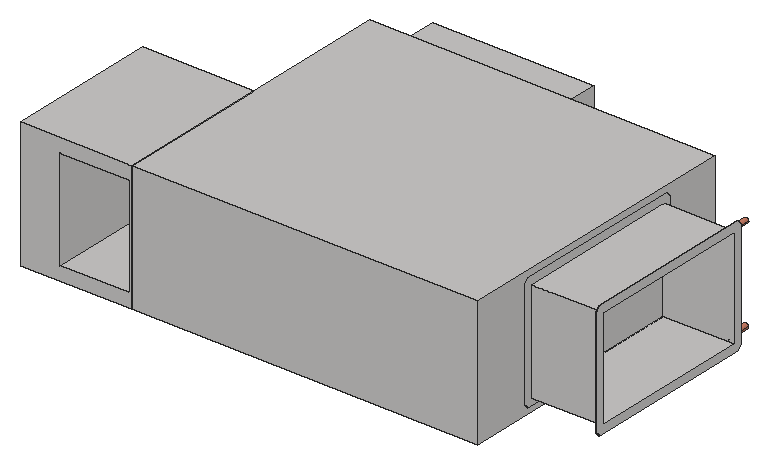
Revit family
Parameters
  Width = 3' - 1"
  Voltage = 208 V
  Unit Weight = if(and(Size Option = 1, Number of Rows = 1), "189.0 lbs", if(and(Size Option = 1, Number of Rows = 2), "192.0 lbs", if(and(Size Option = 2, Number of Rows = 1), "194.0 lbs", if(and(Size Option = 2, Number of Rows = 2), "197.0 lbs", "0"))))  # "194.0 lbs"
  UltraLoc Liner = Choose Liner Option = 3  # no
  URL = "http://www.titus-hvac.com/"
  UL = "181"
  Supply Air Flow [instance] = 0 CFM
  SteriLoc Liner = Choose Liner Option = 2  # no
  Size Option = 2
  Size C = Size Option = 2  # yes
  Size B = Size Option = 1  # no
  Secondary Material = Copper Connectors
  Primary Air Pressure Drop [instance] = 0.00 in-wg
  Primary Air Flow [instance] = 0 CFM
  Pressure [instance] = 0.00 psi
  Plenum Air Pressure Drop [instance] = 0.00 in-wg
  Plenum Air Flow [instance] = 0 CFM
  Outlet Width = 1' - 8 1/2"
  Outlet Height = 1' - 0 1/2"
  Number of Rows = 1
  Number of Poles = 2
  Nominal Width = Width + 0' 6 1/4"  # 3' - 7 1/4"
  Nominal Length = Length + 1' 1 7/8" + 0' 9"  # 5' - 5 7/8"
  Nominal Inlet Size = 0' - 6"
  Nominal Height = 1' - 4"
  NFPA = "90A"
  Motor Full Load Amps [instance] = 1.8 A
  Model = "DTFS-F"
  Min. Air Flow = 0 CFM
  Max. Air Flow = 500 CFM
  Material = Galvanized Steel
  Manufacturer = "Titus"
  Length = 3' - 7"
  Juction Box Offset = 0' - 2 7/8"
  Inlet Diameter = Nominal Inlet Size - 0' 0 1/8"  # 0' - 5 7/8"
  Induced Air Inlet Width = 1' - 1 7/8"
  Induced Air Inlet Offset = (Height - Induced Air Inlet Connection Height) / 2  # 0' - 1 11/16"
  Induced Air Inlet Height = 1' - 7"
  Induced Air Inlet Connection Width = 0' - 8 3/4"
  Induced Air Inlet Connection Height = 1' - 0 5/8"
  Induced Air Filter = no
  Height = 1' - 4"
  Heating Total Capacity [instance] = 0 Btu/h
  Heating Entering Water Temp = 0 °F
  Half Outlet Connection Width = Outlet Width / 2  # 0' - 10 1/4"
  Half Outlet Connection Height = Outlet Height / 2  # 0' - 6 1/4"
  Half Height Start = -(Height / 2)  # -0' - 8"
  Half Height End = Height / 2  # 0' - 8"
  HWC Option = HWC Section : B-C - 1 Row
  HWC Connector Radius = 5/16"
  HP-Motor = "1/4"
  Gallons Per Minute [instance] = 0 GPM
  Frequency = 60 Hz
  Flange Offset = 0' - 1"
  Filter Size = "11\"x14\""
  Fiber Free Liner = Choose Liner Option = 1  # no
  Fan Disconnect Switch = no
  Duct Radius = Nominal Inlet Size / 2  # 0' - 3"
  Description = "Ultra Quiet Series Fan Powered Terminal Unit, Direct Digital Control, Pressure Independent"
  Connector Vertical Offset = 0' - 11 3/4"
  HWC Connector Length = 0' - 3"
  Connector Horizontal Offset = if(Number of Rows = 1, 0' 0", if(Number of Rows = 2, 0' 1", 0' 0"))  # 0' - 0"
  Connection Void Radius = Connection Radius - 0' 0 1/4"  # 0' - 2 11/16"
  Connection Radius = Inlet Diameter / 2  # 0' - 2 15/16"
  Choose Liner Option = 0
  CADworks URL = "www.CADworks.net"
  Assembly Code = "D3040100"
  Apparent Power [instance] = Voltage * Motor Full Load Amps  # 374.4 VA
  Air Inlet Offset = 0' - 6"
  1/2" Fiberglass Liner = Choose Liner Option = 0  # yes
  1" Fiberglass Liner = Choose Liner Option = 4  # no
Reference planes (in)
  plane 1 "Center (Front/Back)": y = 0
  plane 2: z = 0
  plane 3 "Center (Left/Right)": x = 3
  plane 4: x = -18.5
  plane 5: x = 24.5
  plane 6: x = -15.625
  plane 7: x = -21.875
  plane 8: z = 0
  plane 9: y = -18.5
  plane 10: y = 18.5
  plane 11: y = 12.5
  plane 12: z = 0
  plane 13: x = 33.5
  plane 14: x = 32.5
  plane 15: y = 13.25
  plane 16: y = 10.25
  plane 17: z = 5.875
  plane 18: z = -5.875
  plane 19: x = 32.5
  plane 20: y = 24.75
  plane 21: x = -32.375
  plane 22: z = 8
  plane 23: z = -8
Forms (in)
  Extrusion 1, solid, material "Galvanized Steel" <- "Material"
    sketch origin (0, 0, 0) x (1, 0, 0) y (0, 1, 0)
      loop
        line (-18.5, 18.5) -> (-18.5, -18.5) -> (24.5, -18.5) -> (24.5, 18.5) -> (-18.5, 18.5)
    from -8 <- "Half Height Start" to 8 <- "Half Height End"
  Extrusion 2, solid, material "Galvanized Steel" <- "Material"
    sketch origin (0, 0, 0) x (1, 0, 0) y (0, 1, 0)
      loop
        line (-32.375, 0.5) -> (-32.375, -18.5) -> (-18.5, -18.5) -> (-18.5, 0.5) -> (-32.375, 0.5)
    from -8 <- "Half Height Start" to 8 <- "Half Height End"
  Extrusion 3, void
    sketch origin (0, -18.5, 0) x (1, 0, 0) y (0, 0, -1)
      loop
        line (-18.75, 6.3125) -> (-27.5, 6.3125) -> (-27.5, -6.3125) -> (-18.75, -6.3125) -> (-18.75, 6.3125)
    from 0 to 16
  Extrusion 4, solid, material "Galvanized Steel" <- "Material"
    sketch origin (3, 0, 30) x (1, 0, 0) y (0, 1, 0)
      loop
        line (-18.625, 18.5) -> (1.375, 18.5) -> (1.375, 24.75) -> (-18.625, 24.75) -> (-18.625, 18.5)
    from -36 to -24
  Extrusion 5, solid, material "Galvanized Steel" <- "Material"
    sketch origin (-24.875, -2, 0) x (0, 0, -1) y (0, 1, 0)
      loop
        circle (0, 14.5) r 2.9375
    from 3 to 6.375
  Extrusion 6, void
    sketch origin (-24.875, 0, 0) x (0, 1, 0) y (0, 0, 1)
      loop
        circle (12.5, 0) r 2.6875
    from 3 to 9.25
  Extrusion 7, void, detail levels fine
    sketch origin (33.5, -10.25, 6.25) x (0, 0, 1) y (0, -1, 0)
      loop
        line (-12.5, 0) -> (-12.5, -20.5) -> (0, -20.5) -> (0, 0) -> (-12.5, 0)
    from -0.0625 to 0
  Extrusion 8, solid, material "Copper Connectors" <- "Secondary Material", detail levels fine
    sketch origin (0, 0, 0) x (1, 0, 0) y (0, 0, 1)
      loop
        circle (32.5, 5.875) r 0.3125
    from -13.25 to -10.3125
  Extrusion 9, solid, material "Copper Connectors" <- "Secondary Material", detail levels fine
    sketch origin (0, 0, 0) x (1, 0, 0) y (0, 0, 1)
      loop
        circle (32.5, -5.875) r 0.3125
    from -13.25 to -10.3125
Cuts and joins
  Extrusion 3 cuts Extrusion 2
  Extrusion 6 cuts Extrusion 1
  Extrusion 6 cuts Extrusion 5
Dimensions and locks (in)
  "Length": plane 5 to plane 4
  equal spacing: plane 5, plane 3 "Center (Left/Right)", plane 4
  locked: Extrusion 4 to plane 6 at 0
  locked: Extrusion 4 to Extrusion 4 at 20
  "Juction Box Offset": plane 6 to plane 4
  locked: plane 4 to plane 7 at 3.375
  "Width": plane 9 to plane 10
  equal spacing: plane 9, plane 1 "Center (Front/Back)", plane 10
  locked: Extrusion 5 sketch curve to level at 0
  locked: Extrusion 5 sketch curve to plane 11 at 0
  locked: Extrusion 6 sketch curve to level at 0
  locked: Extrusion 6 sketch curve to plane 11 at 0
  locked: Extrusion 4 to Extrusion 4 at 6.25
  locked: Extrusion 4 to Extrusion 4 at 12
  equal spacing: Extrusion 4, plane 8, Extrusion 4
  "Air Inlet Offset": plane 10 to plane 11
  "Induced Air Inlet Height": cut or joined group of Extrusion 2, Extrusion 3 to cut or joined group of Extrusion 2, Extrusion 3
  locked: cut or joined group of Extrusion 5, Extrusion 6 to cut or joined group of Extrusion 5, Extrusion 6 at 3.375
  "Induced Air Inlet Connection Height": Extrusion 3 sketch curve to Extrusion 3 sketch curve
  "Induced Air Inlet Offset": Extrusion 3 sketch curve to cut or joined group of Extrusion 2, Extrusion 3
  "Induced Air Inlet Connection Width": Extrusion 3 sketch curve to Extrusion 3 sketch curve
  locked: Extrusion 3 sketch curve to cut or joined group of Extrusion 1, Extrusion 6 at 0.25
  locked: plane 5 to plane 13 at 9
  locked: plane 14 to plane 13 at 1
  locked: plane 17 to plane 18 at 11.75
  equal spacing: plane 17, plane 12, plane 18
  "Connector Horizontal Offset": plane 19 to plane 14
  "HWC Connector Length": plane 16 to plane 15
  locked: cut or joined group of Extrusion 2, Extrusion 3 to cut or joined group of Extrusion 2, Extrusion 3 at 16
  equal spacing: cut or joined group of Extrusion 2, Extrusion 3, plane 12, cut or joined group of Extrusion 2, Extrusion 3
  locked: cut or joined group of Extrusion 1, Extrusion 6 to cut or joined group of Extrusion 2, Extrusion 3 at 16
  equal spacing: cut or joined group of Extrusion 1, Extrusion 6, plane 12, cut or joined group of Extrusion 1, Extrusion 6
  locked: cut or joined group of Extrusion 2, Extrusion 3 to cut or joined group of Extrusion 2, Extrusion 3 at 13.875
  locked: nested 1 to cut or joined group of Extrusion 1, Extrusion 6 at 1.6875
  locked: cut or joined group of Extrusion 1, Extrusion 6 to nested 1 at 1.6875
  "Connection Radius": radius of Extrusion 5 sketch curve
  "Connection Void Radius": radius of Extrusion 6 sketch curve
  "HWC Connector Radius": radius of Extrusion 8 sketch curve
  "HWC Connector Radius": radius of Extrusion 9 sketch curve
  aligned and locked: plane 10 to Extrusion 4
  aligned and locked: plane 7 to cut or joined group of Extrusion 5, Extrusion 6
  aligned and locked: plane 9 to cut or joined group of Extrusion 2, Extrusion 3  (x3)
  aligned and locked: nested 1 to Extrusion 8
  aligned and locked: plane 15 to Extrusion 8
  aligned and locked: nested 1 to Extrusion 9
  aligned and locked: plane 15 to Extrusion 9
  aligned and locked: plane 5 to cut or joined group of Extrusion 1, Extrusion 6
  aligned and locked: cut or joined group of Extrusion 1, Extrusion 6 to plane 10
  aligned and locked: plane 9 to cut or joined group of Extrusion 1, Extrusion 6
  aligned and locked: cut or joined group of Extrusion 1, Extrusion 6 to plane 4
  aligned and locked: cut or joined group of Extrusion 1, Extrusion 6 to nested 1
  aligned and locked: cut or joined group of Extrusion 5, Extrusion 6 to cut or joined group of Extrusion 1, Extrusion 6
  aligned and locked: cut or joined group of Extrusion 2, Extrusion 3 to cut or joined group of Extrusion 1, Extrusion 6
  aligned and locked: plane 6 to Extrusion 6
  aligned and locked: Extrusion 6 to plane 7
  aligned and locked: plane 22 to cut or joined group of Extrusion 2, Extrusion 3
  aligned and locked: plane 22 to cut or joined group of Extrusion 1, Extrusion 6
  aligned and locked: plane 23 to cut or joined group of Extrusion 2, Extrusion 3
  aligned and locked: plane 23 to cut or joined group of Extrusion 1, Extrusion 6
  aligned and locked: plane 20 to Extrusion 4
  aligned and locked: plane 21 to cut or joined group of Extrusion 2, Extrusion 3
  aligned and locked: plane 13 to nested 1
Automatic sketch dimensions
  Extrusion 1 sketch curve to plane 4 = 0' - 0"
  Extrusion 1 sketch curve to plane 5 = 0' - 0"
  Extrusion 1 sketch curve to plane 9 = 0' - 0"
  Extrusion 1 sketch curve to plane 10 = 0' - 0"
  Extrusion 2 sketch curve to plane 4 = 0' - 0"
  Extrusion 2 sketch curve to plane 9 = 0' - 0"
  Extrusion 2 sketch curve to plane 1 "Center (Front/Back)" = 0' - 0 1/2"
  Extrusion 4 sketch curve to plane 6 = 0' - 0"
  Extrusion 4 sketch curve to plane 10 = 0' - 0"
  plane 3 "Center (Left/Right)" to Extrusion 4 sketch curve = 0' - 1 3/8"
  Extrusion 4 sketch curve to plane 10 = 0' - 6 1/4"
  Extrusion 2 sketch curve to plane 7 = 0' - 10 1/2"
  Extrusion 7 sketch curve to nested 1 = 0' - 0"  (x4)
  Extrusion 8 sketch curve to plane 17 = 0' - 0"
  Extrusion 8 sketch curve to plane 19 = 0' - 0"
  Extrusion 9 sketch curve to plane 14 = 0' - 0"
  Extrusion 9 sketch curve to plane 18 = 0' - 0"
Nested families (in)
  nested 1: "HWC Section" at (29, 0, 0) x (0, 1, 0) z (0, 0, 1), type <- "HWC Option", type "B-C - 1 Row"
Connectors (in)
  electrical at (-5.625, 24.75, 0), driven by "Apparent Power", driven by "Voltage", driven by "Number of Poles"
    settings: on Extrusion 4, index 8
  hvac at (-21.875, 12.5, 0), driven by "Duct Radius", driven by "Primary Air Pressure Drop", driven by "Primary Air Flow"
    settings: on cut or joined group of Extrusion 5, Extrusion 6, index 9
  hvac at (-23.125, -18.5, 0), driven by "Induced Air Inlet Connection Height", driven by "Induced Air Inlet Connection Width", driven by "Plenum Air Pressure Drop", driven by "Plenum Air Flow"
    settings: on cut or joined group of Extrusion 2, Extrusion 3, index 10
  hvac at (33.5, 0, 0), driven by "Outlet Height", driven by "Outlet Width", driven by "Supply Air Flow"
    settings: on Extrusion 7, index 11
  piping at (32.5, 13.25, 5.875), driven by "Gallons Per Minute", driven by "Pressure", driven by "HWC Connector Radius"
    settings: on Extrusion 8, index 12
  piping at (32.5, 13.25, -5.875), driven by "Gallons Per Minute", driven by "HWC Connector Radius", driven by "Pressure"
    settings: on Extrusion 9, index 13
Definition of nested family "HWC Section"
  Parameters (values of type "B-C - 1 Row")
    Visibility = yes
    Secondary Material = Copper Connectors
    Number of Rows = 1
    Material = Galvanized Steel
    Half Width = HWC Width / 2  # 0' - 10 1/4"
    Half Length-Start = -(HWC Length / 2)  # -0' - 4 1/2"
    Half Length-End = HWC Length / 2  # 0' - 4 1/2"
    HWC Connection Radius = 5/16"
    Flange Offset = 0' - 1"
    Duct Vertical Offset = HWC Height - 0' 0 1/2"  # 1' - 0"
    Duct Horizontal Offset = HWC Width - 0' 0 1/2"  # 1' - 8"
    Connector Vertical Offset = 0' - 11 3/4"
    HWC Width = 1' - 8 1/2"
    HWC Height = 1' - 0 1/2"
    HWC Length = 0' - 9"  # constant formula
    Gallons Per Minute = 0 GPM
    Connector Length = 0' - 3"
    Connector Horizontal Offset = 0' - 0"
  Types (5): name | Number of Rows | Half Width | Flange Offset | Duct Vertical Offset | Duct Horizontal Offset | Connector Vertical Offset | HWC Width | HWC Height | Connector Horizontal Offset
    (no name) | 1 | 0' - 10 1/4" | 0' - 1" | 1' - 0" | 1' - 8" | 0' - 11 3/4" | 1' - 8 1/2" | 1' - 0 1/2" | 0' - 0"
    B-C - 1 Row | 1 | 0' - 10 1/4" | 0' - 1" | 1' - 0" | 1' - 8" | 0' - 11 3/4" | 1' - 8 1/2" | 1' - 0 1/2" | 0' - 0"
    B-C - 2 Row | 2 | 0' - 10 1/4" | 0' - 1" | 1' - 0" | 1' - 8" | 0' - 11 3/4" | 1' - 8 1/2" | 1' - 0 1/2" | 0' - 1"
    D-E - 1 Row | 1 | 1' - 0 1/2" | 0' - 1 1/4" | 1' - 5" | 2' - 0 1/2" | 1' - 4 1/4" | 2' - 1" | 1' - 5 1/2" | 0' - 0"
    D-E - 2 Row | 2 | 1' - 0 1/2" | 0' - 1 1/4" | 1' - 5" | 2' - 0 1/2" | 1' - 4 3/4" | 2' - 1" | 1' - 5 1/2" | 0' - 1"
  Reference planes (in)
    plane 1 "Center (Front/Back)": y = 0
    plane 2: z = 0
    plane 3 "Center (Left/Right)": x = 0
    plane 4: x = -10.25
    plane 5: x = 10.25
    plane 6: y = 4.5
    plane 7: y = -4.5
    plane 8: z = 6.25
    plane 9: z = -6.25
    plane 10: z = 5.875
    plane 11: z = -5.875
    plane 12: y = 3.5
    plane 13: y = 3.5
    plane 14: x = 13.25
  Forms (in)
    Extrusion 1, solid, material "Galvanized Steel" <- "Material", visible <- "Visibility"
      sketch origin (0, 0, 0) x (1, 0, 0) y (0, 0, 1)
        loop
          line (-10.3125, 6.3125) -> (-10.3125, -6.3125) -> (10.3125, -6.3125) -> (10.3125, 6.3125) -> (-10.3125, 6.3125)
      from -4.375 <- "Half Length-Start" to 4.5 <- "Half Length-End"
    Extrusion 2, void, detail levels fine
      sketch origin (0, 0, 0) x (1, 0, 0) y (0, 0, 1)
        loop
          line (-10.25, -6.25) -> (10.25, -6.25) -> (10.25, 6.25) -> (-10.25, 6.25) -> (-10.25, -6.25)
      from -4.5 <- "Half Length-Start" to 4.5 <- "Half Length-End"
    Extrusion 3, solid, material "Copper Connectors" <- "Secondary Material", visible <- "Visibility"
      sketch origin (6, 2.625, 0) x (0, 1, 0) y (0, 0, 1)
        loop
          circle (0.875, -5.875) r 0.3125
      from 4.3125 to 7.25
    Extrusion 4, solid, material "Galvanized Steel" <- "Material", visible <- "Visibility"
      sketch origin (0, -4.375, 0) x (1, 0, 0) y (0, 0, 1)
        loop
          line (-10.25, 6.25) -> (-10.25, -6.25) -> (10.25, -6.25) -> (10.25, 6.25) -> (-10.25, 6.25)
        loop
          line (-11.25, 6.75) -> (-11.25, -6.75) -> (-10.75, -7.25) -> (10.75, -7.25) -> (11.25, -6.75) -> (11.25, 6.75) -> (10.75, 7.25) -> (-10.75, 7.25) -> (-11.25, 6.75)
      from 0 to 0.125
    Extrusion 5, solid, material "Copper Connectors" <- "Secondary Material", visible <- "Visibility"
      sketch origin (6, -0.5, 0) x (0, 1, 0) y (0, 0, 1)
        loop
          circle (4, 5.875) r 0.3125
      from 4.3125 to 7.25
    Extrusion 6, solid, material "Galvanized Steel" <- "Material", visible <- "Visibility"
      sketch origin (0, 4.375, 0) x (1, 0, 0) y (0, 0, -1)
        loop
          line (-10.25, -6.25) -> (10.25, -6.25) -> (10.25, 6.25) -> (-10.25, 6.25) -> (-10.25, -6.25)
        loop
          line (-11.25, -6.75) -> (-10.75, -7.25) -> (10.75, -7.25) -> (11.25, -6.75) -> (11.25, 6.75) -> (10.75, 7.25) -> (-10.75, 7.25) -> (-11.25, 6.75) -> (-11.25, -6.75)
      from 0 to 0.125
  Cuts and joins
    Extrusion 2 cuts Extrusion 1
    joined: Extrusion 1, Extrusion 4, Extrusion 6
  Dimensions and locks (in)
    "HWC Width": plane 4 to plane 5
    equal spacing: plane 4, plane 3 "Center (Left/Right)", plane 5
    "HWC Height": plane 8 to plane 9
    equal spacing: plane 8, plane 2, plane 9
    equal spacing: plane 10, plane 2, plane 11
    locked: plane 12 to plane 6 at 1
    "Connector Horizontal Offset": plane 13 to plane 12
    locked: plane 7 to Extrusion 4 at 0.125
    locked: Extrusion 6 to plane 6 at 0.125
    locked: plane 4 to Extrusion 1 sketch curve at 0.0625
    locked: Extrusion 4 to Extrusion 1 sketch curve at 0.0625
    locked: Extrusion 1 sketch curve to plane 8 at 0.0625
    locked: plane 9 to Extrusion 1 sketch curve at 0.0625
    "Connector Length": plane 5 to plane 14
    "HWC Length": plane 6 to plane 7
    equal spacing: plane 6, plane 1 "Center (Front/Back)", plane 7
    "Connector Vertical Offset": plane 10 to plane 11
    equal spacing: plane 10, level, plane 11
    "HWC Width": Extrusion 4 sketch curve to Extrusion 4 sketch curve
    equal spacing: Extrusion 4 sketch curve, plane 3 "Center (Left/Right)", Extrusion 4 sketch curve
    "HWC Height": Extrusion 4 sketch curve to Extrusion 4 sketch curve
    equal spacing: Extrusion 4 sketch curve, plane 2, Extrusion 4 sketch curve
    "Flange Offset": cut or joined group of Extrusion 1, Extrusion 2, Extrusion 4, Extrusion 6 to plane 8
    "Flange Offset": plane 9 to cut or joined group of Extrusion 1, Extrusion 2, Extrusion 4, Extrusion 6
    locked: cut or joined group of Extrusion 1, Extrusion 2, Extrusion 4, Extrusion 6 to plane 4 at 1  (x2)
    locked: cut or joined group of Extrusion 1, Extrusion 2, Extrusion 4, Extrusion 6 to plane 5 at 1  (x2)
    "HWC Width": Extrusion 6 sketch curve to Extrusion 6 sketch curve
    "HWC Height": Extrusion 6 sketch curve to Extrusion 6 sketch curve
    equal spacing: Extrusion 6 sketch curve, plane 3 "Center (Left/Right)", Extrusion 6 sketch curve
    equal spacing: Extrusion 6 sketch curve, plane 2, Extrusion 6 sketch curve
    "HWC Height": Extrusion 2 sketch curve to Extrusion 2 sketch curve
    "HWC Width": Extrusion 2 sketch curve to Extrusion 2 sketch curve
    equal spacing: Extrusion 2 sketch curve, plane 3 "Center (Left/Right)", Extrusion 2 sketch curve
    equal spacing: Extrusion 2 sketch curve, plane 2, Extrusion 2 sketch curve
    locked: plane 5 to Extrusion 3 at 0.0625
    locked: plane 5 to Extrusion 5 at 0.0625
    "Flange Offset": Extrusion 6 sketch curve to plane 8  (x2)
    "Flange Offset": plane 9 to Extrusion 6 sketch curve  (x2)
    "HWC Connection Radius": radius of Extrusion 3 sketch curve
    "HWC Connection Radius": radius of Extrusion 5 sketch curve
    aligned and locked: plane 7 to Extrusion 4
    aligned and locked: plane 6 to Extrusion 6
    aligned and locked: plane 14 to Extrusion 5
    aligned and locked: plane 14 to Extrusion 3
    aligned and locked: Extrusion 6 to cut or joined group of Extrusion 1, Extrusion 2, Extrusion 4, Extrusion 6
    aligned and locked: Extrusion 4 to Extrusion 4
  Automatic sketch dimensions
    Extrusion 3 sketch curve to plane 11 = 0' - 0"
    Extrusion 3 sketch curve to plane 12 = 0' - 0"
    plane 4 to Extrusion 4 sketch curve = 0' - 1"
    plane 4 to Extrusion 4 sketch curve = 0' - 0 1/2"  (x2)
    Extrusion 4 sketch curve to plane 5 = 0' - 0 1/2"  (x2)
    Extrusion 4 sketch curve to Extrusion 4 sketch curve = 0' - 0 1/2"  (x3)
    Extrusion 4 sketch curve to plane 9 = 0' - 0 1/2"  (x2)
    plane 8 to Extrusion 4 sketch curve = 0' - 0 1/2"  (x2)
    Extrusion 5 sketch curve to plane 10 = 0' - 0"
    Extrusion 5 sketch curve to plane 13 = 0' - 0"
    plane 4 to Extrusion 6 sketch curve = 0' - 1"
    plane 4 to Extrusion 6 sketch curve = 0' - 0 1/2"  (x2)
    Extrusion 6 sketch curve to plane 5 = 0' - 0 1/2"  (x2)
    Extrusion 6 sketch curve to Extrusion 6 sketch curve = 0' - 0 1/2"  (x2)
    plane 8 to Extrusion 6 sketch curve = 0' - 0 1/2"  (x2)
    Extrusion 6 sketch curve to plane 9 = 0' - 0 1/2"
